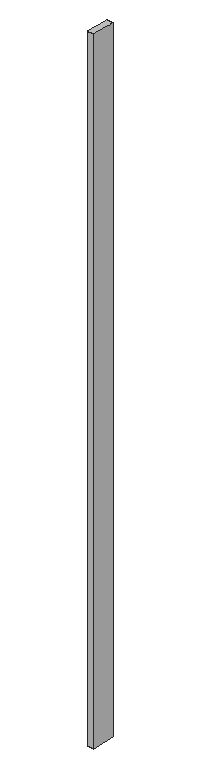
Revit family "Haworth_Enclose_Accessories_WallEnd", category Furniture Systems, Revit 2018
Family settings
  Round Connector Dimension = Use Diameter
  Part Type = Normal
  OmniClass Number = 23.25.40.14
  OmniClass Title = Demountable Partitions
  Work Plane-Based = No
  Always vertical = Yes
  Cut with Voids When Loaded = No
  Shared = No
  Room Calculation Point = No
Parameters (values of type "Low Profile")
  Warranty = "http://www.haworth.com/resources/product-info/warranties"
  URL - Product = "http://www.haworth.com/products/architectural-interiors/moveable-walls/enclose"
  Type Comments = ""
  Model = "Haworth_Enclose-Accessories-Wall_End"  # constant formula
  Min/Max Height = "84-144 in."  # constant formula
  Min. Height = 84"  # constant formula
  Max. Height = 144"  # constant formula
  Sustainability Info = "http://www.haworth.com/company-info/sustainablility"
  Material Options = "http://surfaces.haworth.com/haworth-surface-collection"
  Width = 0.875"
  URL = "www.haworth.com"
  Revision Number = "3"  # constant formula
  Manufacturer = "Haworth"  # constant formula
  Height = 108"
  Frame Finish = Haworth _ Metal _ Brushed Aluminum
  End of Run Module = yes
  Description = "Haworth - Enclose Accessories Wall - End"  # constant formula
  Depth = 4"  # constant formula
  Centerline Module Intersection = not(End of Run Module)  # no
  Author = "SHAPE Environments, LLC"  # constant formula
  Assembly Code = "C1010200"
  Actual Height = if(Height < Min. Height, Min. Height, if(Height > Max. Height, Max. Height, Height))  # 108"
Types (4): name | Width | End of Run Module | Centerline Module Intersection
  Centerline Module | 1.845" | no | yes
  3 Way_Centerline Module_Intersection_90 | 0.155" | no | yes
  Low Profile | 0.875" | yes | no
  Systems Module | 3.845" | yes | no
Reference planes (in)
  plane 1 "Center F/B": y = 0.61031
  plane 2: z = 0
  plane 3 "Center L/R": x = 1.1802
  plane 4: y = 2.61031
  plane 5: y = -1.38969
  plane 6: x = 2.0552
  plane 7 "Top": z = 108
Forms (in)
  Extrusion 1, solid, material "Haworth _ Metal _ Brushed Aluminum" <- "Frame Finish", visible <- "End of Run Module"
    sketch origin (0, 0, 0) x (1, 0, 0) y (0, 1, 0)
      loop
        line (2.0552, 2.61031) -> (1.1802, 2.61031) -> (1.1802, 2.41531) -> (1.0252, 2.41531) -> (1.0252, -1.19469) -> (1.1802, -1.19469) -> (1.1802, -1.38969) -> (2.0552, -1.38969) -> (2.0552, 2.61031)
    from 0 to 108
  Extrusion 2, solid, visible <- "Centerline Module Intersection"
    sketch origin (0, 0, 0) x (1, 0, 0) y (0, 1, 0)
      loop
        line (1.1802, 2.41531) -> (1.1802, -1.19469) -> (1.3352, -1.19469) -> (1.3352, 2.41531) -> (1.1802, 2.41531)
    from 0 to 108
Dimensions and locks (in)
  "Width": plane 3 "Center L/R" to plane 6
  "Depth": plane 4 to plane 5
  equal spacing: plane 4, plane 1 "Center F/B", plane 5
  "Height": plane 7 "Top" to plane 2
  "Actual Height": plane 7 "Top" to level
  locked: plane 4 to Extrusion 1 sketch curve at 0.195
  locked: Extrusion 1 sketch curve to Extrusion 1 sketch curve at 0.195
  locked: Extrusion 1 sketch curve to Extrusion 1 sketch curve at 0.155
  locked: plane 4 to Extrusion 2 sketch curve at 0.195
  locked: Extrusion 2 sketch curve to plane 5 at 0.195
  locked: plane 3 "Center L/R" to Extrusion 2 sketch curve at 0.155
  aligned: plane 4 to Extrusion 1
  aligned: Extrusion 1 to plane 5
  aligned: Extrusion 1 to plane 3 "Center L/R"
  aligned and locked: plane 4 to Extrusion 1 sketch curve
  aligned and locked: Extrusion 1 sketch curve to plane 3 "Center L/R"  (x2)
  aligned and locked: Extrusion 1 sketch curve to plane 5
  aligned and locked: plane 6 to Extrusion 1 sketch curve
  aligned and locked: plane 3 "Center L/R" to Extrusion 2 sketch curve
  aligned and locked: plane 7 "Top" to Extrusion 2
  aligned and locked: plane 7 "Top" to Extrusion 1
